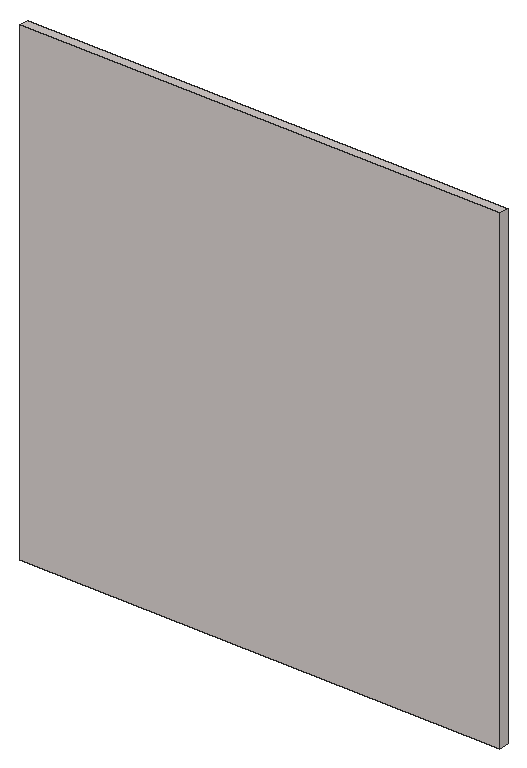
Revit family "LISTON ALMAZUELA BEIGE CU_453721031", category Modelos genéricos, Revit 2024
Family settings
  Puede alojar armadura = No
  Cota de conector redondo = Usar diámetro
  Tipo de pieza = Normal
  Se basa en plano de trabajo = No
  Siempre vertical = Sí
  Corte con vacíos al cargar = No
  Mantener orientación de anotación = No
  Compartido = No
  Punto de cálculo de habitación = No
Parameters
  Elevación por defecto = 0 mm
Reference planes
  plane 1 "Center (Front/Back)": y = 0
  plane 2: z = 0
  plane 3 "Center (Left/Right)": x = 0
Forms (mm)
  Extrusion 1, solid, material "Analytical Panels"
    sketch origin (0, 0, 0) x (1, 0, 0) y (0, 1, 0)
      loop
        line (-1366.384, -136.448) -> (-1366.384, -194.576) -> (1633.616, -194.576) -> (1633.616, -136.448) -> (-1366.384, -136.448)
    from 0 to 3000
Dimensions and locks
  Extrusion 1 sketch curve to Extrusion 1 sketch curve = 58.128 mm
  Extrusion 1 to Extrusion 1 = 3000 mm  (x2)
  aligned and locked: level to plane 2
